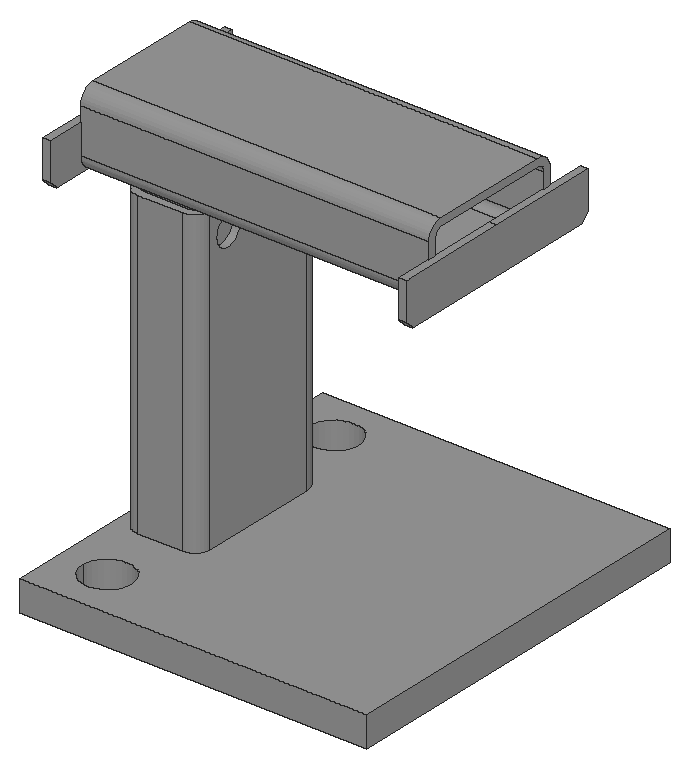
Revit family "STA BKRS 100 FT Stützausleger", category Generic Models, Revit 2017
Family settings
  Can host rebar = No
  Round Connector Dimension = Use Diameter
  Part Type = Normal
  Work Plane-Based = No
  Always vertical = Yes
  Cut with Voids When Loaded = No
  Shared = No
  Room Calculation Point = No
Parameters (values of type "STA BKRS 100 FT")
  URL = "http://www.obo-bettermann.com"
  Material = Hot dip galvanised
  Manufacturer Art.No. = "6044541"
  Manufacturer = "OBO BETTERMANN"
  GTIN = "4012196695096"
  Article Type = "STA BKRS 100 FT"
Reference planes
  plane 1 "Center (Front/Back)": y = 0
  plane 2: z = 0
  plane 3 "Center (Left/Right)": x = 0
  plane 4: x = 91.5
  plane 5: y = 100
  plane 6: y = 12.5
  plane 7: y = 87.5
  plane 8: x = 13
  plane 9: y = 50
  plane 10: y = 62
  plane 11: x = 11
  plane 12: y = 50
  plane 13: x = 3
  plane 14: y = 70
  plane 15: y = 30
  plane 16: z = 88
  plane 17: z = 81
  plane 18: y = 40
  plane 19: y = 30
  plane 20: x = 84
  plane 21: x = -8
  plane 22: z = 100
  plane 23: y = 50
  plane 24: z = 90
  plane 25: y = 78
  plane 26: z = 90
  plane 27: y = 22
  plane 28: x = 86
  plane 29: x = -10
  plane 30: y = 40.139
  plane 31: x = 77
  plane 32: y = 30.139
Forms (mm)
  Extrusion 1, solid, material "Hot dip galvanised" <- "Material"
    sketch origin (0, 0, 0) x (1, 0, 0) y (0, 0, 1)
      loop
        line (0, 0) -> (91.5, 0) -> (91.5, 8) -> (0, 8) -> (0, 0)
    from 0 to -100
  Extrusion 2, void
    sketch origin (0, 0, 0) x (1, 0, 0) y (0, 1, 0)
      loop
        circle (13, 87.5) r 6.5
      loop
        circle (13, 12.5) r 6.5
      loop
        circle (11, 62) r 5.956
    from 0 to 8
  Extrusion 3, solid, material "Hot dip galvanised" <- "Material"
    sketch origin (0, 0, 0) x (1, 0, 0) y (0, 1, 0)
      loop
        arc (7, 70) -> (4.172, 68.828) -> (3, 66) r 4
        line (3, 66) -> (3, 34)
        arc (3, 34) -> (4.172, 31.172) -> (7, 30) r 4
        line (7, 30) -> (19, 30)
        arc (19, 30) -> (21.828, 31.172) -> (23, 34) r 4
        line (23, 34) -> (23, 66)
        arc (23, 66) -> (21.828, 68.828) -> (19, 70) r 4
        line (19, 70) -> (7, 70)
      loop
        arc (7, 68) -> (5.586, 67.414) -> (5, 66) r 2
        line (5, 66) -> (5, 34)
        arc (5, 34) -> (5.586, 32.586) -> (7, 32) r 2
        line (7, 32) -> (19, 32)
        arc (19, 32) -> (20.414, 32.586) -> (21, 34) r 2
        line (21, 34) -> (21, 66)
        arc (21, 66) -> (20.414, 67.414) -> (19, 68) r 2
        line (19, 68) -> (7, 68)
    from 8 to 88
  Extrusion 4, void
    sketch origin (0, 0, 0) x (0, 1, 0) y (0, 0, 1)
      loop
        circle (40, 81) r 4.037
    from 21 to 23
  Extrusion 5, solid, material "Hot dip galvanised" <- "Material"
    sketch origin (0, 0, 0) x (0, 1, 0) y (0, 0, 1)
      loop
        line (34, 88) -> (66, 88)
        arc (66, 88) -> (68.828, 89.172) -> (70, 92) r 4
        line (70, 92) -> (70, 104)
        arc (70, 104) -> (68.828, 106.828) -> (66, 108) r 4
        line (66, 108) -> (34, 108)
        arc (34, 108) -> (31.172, 106.828) -> (30, 104) r 4
        line (30, 104) -> (30, 92)
        arc (30, 92) -> (31.172, 89.172) -> (34, 88) r 4
      loop
        line (32, 104) -> (32, 92)
        arc (32, 92) -> (32.586, 90.586) -> (34, 90) r 2
        line (34, 90) -> (66, 90)
        arc (66, 90) -> (67.414, 90.586) -> (68, 92) r 2
        line (68, 92) -> (68, 104)
        arc (68, 104) -> (67.414, 105.414) -> (66, 106) r 2
        line (66, 106) -> (34, 106)
        arc (34, 106) -> (32.586, 105.414) -> (32, 104) r 2
    from -8 to 84
  Extrusion 6, solid, material "Hot dip galvanised" <- "Material"
    sketch origin (0, 0, 0) x (0, 1, 0) y (0, 0, 1)
      loop
        line (50, 100) -> (20, 100) -> (20, 90) -> (22, 88) -> (78, 88) -> (80, 90) -> (80, 100) -> (50, 100)
    from 84 to 86
  Extrusion 7, solid, material "Hot dip galvanised" <- "Material"
    sketch origin (0, 0, 0) x (0, 1, 0) y (0, 0, 1)
      loop
        line (80, 100) -> (20, 100) -> (20, 90) -> (22, 88) -> (78, 88) -> (80, 90) -> (80, 100)
    from -10 to -8
  Extrusion 8, void
    sketch origin (0, 0, 0) x (1, 0, 0) y (0, 1, 0)
      loop
        circle (77, 40.139) r 3.954
    from 88 to 90
Cuts and joins
  Extrusion 2, Extrusion 8 cuts Extrusion 1
  Extrusion 4 cuts Extrusion 3
  Extrusion 8 cuts Extrusion 5
Dimensions and locks
  plane 4 to plane 3 "Center (Left/Right)" = 91.5 mm
  locked: Extrusion 1 sketch curve to Extrusion 1 sketch curve at 8
  locked: Extrusion 1 sketch curve to Extrusion 1 sketch curve at 91.5
  locked: plane 1 "Center (Front/Back)" to plane 5 at 100
  locked: Extrusion 1 to plane 8 at 13
  locked: Extrusion 1 to plane 9 at 50
  locked: plane 7 to plane 9 at 37.5
  locked: plane 9 to plane 6 at 37.5
  locked: plane 8 to Extrusion 2 sketch curve at 0  (x2)
  locked: plane 8 to Extrusion 2 sketch curve at 6.5  (x2)
  locked: Extrusion 1 to plane 10 at 38
  Extrusion 1 to plane 11 = 11 mm
  locked: plane 11 to Extrusion 2 sketch curve at 0
  locked: Extrusion 2 sketch curve to plane 11 at 5.956
  locked: cut or joined group of Extrusion 1, Extrusion 2, Extrusion 8 to plane 12 at 50
  locked: cut or joined group of Extrusion 1, Extrusion 2, Extrusion 8 to plane 13 at 3
  locked: cut or joined group of Extrusion 1, Extrusion 2, Extrusion 8 to plane 15 at 30
  locked: cut or joined group of Extrusion 1, Extrusion 2, Extrusion 8 to plane 14 at 30
  locked: Extrusion 3 sketch curve to Extrusion 3 sketch curve at 20
  locked: Extrusion 3 sketch curve to Extrusion 3 sketch curve at 40
  locked: Extrusion 3 sketch curve to Extrusion 3 sketch curve at 16
  locked: Extrusion 3 sketch curve to Extrusion 3 sketch curve at 36
  locked: cut or joined group of Extrusion 1, Extrusion 2, Extrusion 8 to Extrusion 3 sketch curve at 3
  locked: plane 16 to level at 88
  locked: Extrusion 3 to plane 17 at 7
  plane 19 to plane 18 = 10 mm
  locked: plane 1 "Center (Front/Back)" to plane 18 at 40
  locked: plane 18 to Extrusion 4 sketch curve at 0
  locked: plane 18 to Extrusion 4 sketch curve at 4.037
  locked: Extrusion 5 sketch curve to Extrusion 5 sketch curve at 16
  locked: Extrusion 5 sketch curve to cut or joined group of Extrusion 3, Extrusion 4 at 20
  locked: Extrusion 5 sketch curve to Extrusion 5 sketch curve at 40
  locked: Extrusion 5 sketch curve to Extrusion 5 sketch curve at 36
  locked: plane 1 "Center (Front/Back)" to Extrusion 5 sketch curve at 30
  locked: plane 20 to cut or joined group of Extrusion 3, Extrusion 4 at 61
  locked: plane 20 to plane 21 at 92
  locked: Extrusion 5 to plane 22 at 8
  locked: plane 23 to Extrusion 5 at 20
  locked: Extrusion 6 sketch curve to Extrusion 6 sketch curve at 12  (x2)
  locked: Extrusion 6 sketch curve to Extrusion 6 sketch curve at 60
  locked: plane 28 to Extrusion 5 at 2
  locked: plane 29 to Extrusion 5 at 2
  locked: plane 30 to plane 32 at 10
  locked: cut or joined group of Extrusion 1, Extrusion 2, Extrusion 8 to plane 30 at 40.139
  locked: plane 31 to Extrusion 5 at 7
  locked: plane 31 to Extrusion 8 sketch curve at 0
  locked: plane 31 to Extrusion 8 sketch curve at 3.954
  aligned and locked: level to plane 2
  aligned and locked: Extrusion 1 to level
  aligned and locked: Extrusion 1 to plane 3 "Center (Left/Right)"
  aligned and locked: plane 5 to Extrusion 1
  aligned and locked: plane 1 "Center (Front/Back)" to Extrusion 1
  aligned and locked: Extrusion 2 to level
  aligned and locked: Extrusion 1 to Extrusion 2
  aligned and locked: plane 16 to Extrusion 3
  aligned and locked: Extrusion 3 to cut or joined group of Extrusion 1, Extrusion 2, Extrusion 8
  aligned and locked: Extrusion 3 to Extrusion 4  (x2)
  aligned and locked: Extrusion 5 to plane 16
  aligned and locked: Extrusion 5 to cut or joined group of Extrusion 3, Extrusion 4
  aligned and locked: plane 20 to Extrusion 5
  aligned and locked: Extrusion 5 to plane 21
  aligned and locked: Extrusion 6 to Extrusion 5
  aligned and locked: plane 28 to Extrusion 6
  aligned and locked: Extrusion 7 to Extrusion 5
  aligned and locked: Extrusion 7 to plane 29
  aligned and locked: plane 16 to Extrusion 8
  aligned and locked: Extrusion 6 to Extrusion 8
Automatic sketch dimensions
  Extrusion 1 sketch curve to level = 0 mm
  Extrusion 1 sketch curve to plane 3 "Center (Left/Right)" = 0 mm
  Extrusion 2 sketch curve to plane 6 = 0 mm
  Extrusion 2 sketch curve to plane 10 = 0 mm
  Extrusion 2 sketch curve to plane 7 = 0 mm
  Extrusion 3 sketch curve to Extrusion 3 sketch curve = 0 mm  (x6)
  Extrusion 3 sketch curve to plane 14 = 0 mm
  Extrusion 3 sketch curve to Extrusion 3 sketch curve = 2 mm
  plane 13 to Extrusion 3 sketch curve = 4 mm
  Extrusion 3 sketch curve to Extrusion 3 sketch curve = 12 mm
  Extrusion 3 sketch curve to plane 14 = 4 mm
  Extrusion 4 sketch curve to plane 17 = 0 mm
  plane 16 to Extrusion 5 sketch curve = 4 mm  (x2)
  Extrusion 5 sketch curve to Extrusion 5 sketch curve = 4 mm
  Extrusion 5 sketch curve to Extrusion 5 sketch curve = 0 mm  (x8)
  Extrusion 6 sketch curve to plane 22 = 0 mm
  Extrusion 6 sketch curve to plane 24 = 0 mm  (x2)
  Extrusion 6 sketch curve to plane 27 = 0 mm
  Extrusion 6 sketch curve to plane 23 = 0 mm
  Extrusion 6 sketch curve to plane 25 = 0 mm
  Extrusion 6 sketch curve to plane 27 = 2 mm
  Extrusion 7 sketch curve to plane 16 = 0 mm
  Extrusion 7 sketch curve to plane 1 "Center (Front/Back)" = 20 mm
  Extrusion 7 sketch curve to Extrusion 7 sketch curve = 2 mm  (x2)
  Extrusion 7 sketch curve to plane 5 = 22 mm
  plane 16 to Extrusion 7 sketch curve = 2 mm  (x2)
  Extrusion 7 sketch curve to Extrusion 7 sketch curve = 10 mm
  Extrusion 8 sketch curve to plane 30 = 0 mm
